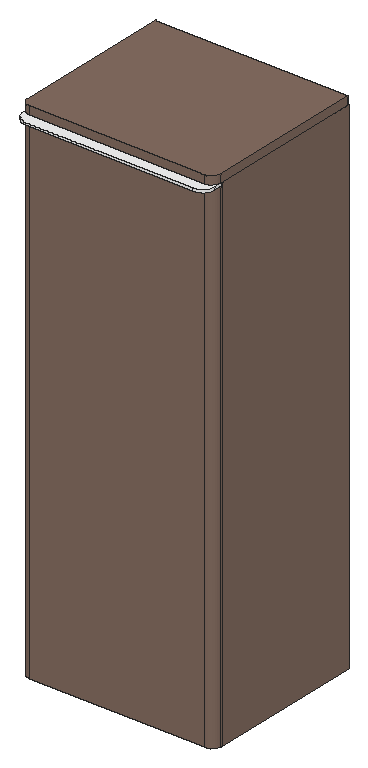
Revit family "mid-height cabinet, door hinge", category Furniture, Revit 2019 (continued)
Types (48, lengths in mm): name | SURFACE | SPECIFICATION | PRODUCTURL | PERMALINK | OBERFLAECHE | NB | NAME | Model | Mid-height cabinet 400_350, door hinge right-54134700-Dark Walnut-MATT_WHITE-400_RX0RY0RZ0TX0TY0TZ0_V | Mid-height cabinet 400_350, door hinge right-54134700-Dark Walnut-MATT_WHITE-200_RX0RY0RZ0TX0TY0TZ0_V | Mid-height cabinet 400_350, door hinge right-54134670-Dark Walnut-MATT_BLACK-400_RX0RY0RZ0TX0TY0TZ0_V | Mid-height cabinet 400_350, door hinge right-54134670-Dark Walnut-MATT_BLACK-200_RX0RY0RZ0TX0TY0TZ0_V | Mid-height cabinet 400_350, door hinge right-54134000-Dark Walnut-CHROME-400_RX0RY0RZ0TX0TY0TZ0_V | Mid-height cabinet 400_350, door hinge right-54134000-Dark Walnut-CHROME-200_RX0RY0RZ0TX0TY0TZ0_V | Mid-height cabinet 400_350, door hinge right-54133700-Natural Oak-MATT_WHITE-400_RX0RY0RZ0TX0TY0TZ0_V | Mid-height cabinet 400_350, door hinge right-54133700-Natural Oak-MATT_WHITE-200_RX0RY0RZ0TX0TY0TZ0_V | Mid-height cabinet 400_350, door hinge right-54133670-Natural Oak-MATT_BLACK-400_RX0RY0RZ0TX0TY0TZ0_V | Mid-height cabinet 400_350, door hinge right-54133670-Natural Oak-MATT_BLACK-200_RX0RY0RZ0TX0TY0TZ0_V | Mid-height cabinet 400_350, door hinge right-54133000-Natural Oak-CHROME-400_RX0RY0RZ0TX0TY0TZ0_V | Mid-height cabinet 400_350, door hinge right-54133000-Natural Oak-CHROME-200_RX0RY0RZ0TX0TY0TZ0_V | Mid-height cabinet 400_350, door hinge right-54132700-Diamond Matt Grey-MATT_WHITE-400_RX0RY0RZ0TX0TY0TZ0_V | Mid-height cabinet 400_350, door hinge right-54132700-Diamond Matt Grey-MATT_WHITE-200_RX0RY0RZ0TX0TY0TZ0_V | Mid-height cabinet 400_350, door hinge right-54132670-Diamond Matt Grey-MATT_BLACK-400_RX0RY0RZ0TX0TY0TZ0_V | Mid-height cabinet 400_350, door hinge right-54132670-Diamond Matt Grey-MATT_BLACK-200_RX0RY0RZ0TX0TY0TZ0_V | Mid-height cabinet 400_350, door hinge right-54132000-Diamond Matt Grey-CHROME-400_RX0RY0RZ0TX0TY0TZ0_V | Mid-height cabinet 400_350, door hinge right-54132000-Diamond Matt Grey-CHROME-200_RX0RY0RZ0TX0TY0TZ0_V | Mid-height cabinet 400_350, door hinge right-54131700-High Gloss White-MATT_WHITE-400_RX0RY0RZ0TX0TY0TZ0_V | Mid-height cabinet 400_350, door hinge right-54131700-High Gloss White-MATT_WHITE-200_RX0RY0RZ0TX0TY0TZ0_V | Mid-height cabinet 400_350, door hinge right-54131670-High Gloss White-MATT_BLACK-400_RX0RY0RZ0TX0TY0TZ0_V | Mid-height cabinet 400_350, door hinge right-54131670-High Gloss White-MATT_BLACK-200_RX0RY0RZ0TX0TY0TZ0_V | Mid-height cabinet 400_350, door hinge right-54131000-High Gloss White-CHROME-400_RX0RY0RZ0TX0TY0TZ0_V | Mid-height cabinet 400_350, door hinge right-54131000-High Gloss White-CHROME-200_RX0RY0RZ0TX0TY0TZ0_V | Mid-height cabinet 400_350, door hinge left-54130700-Dark Walnut-MATT_WHITE-400_RX0RY0RZ0TX0TY0TZ0_V | Mid-height cabinet 400_350, door hinge left-54130700-Dark Walnut-MATT_WHITE-200_RX0RY0RZ0TX0TY0TZ0_V | Mid-height cabinet 400_350, door hinge left-54130670-Dark Walnut-MATT_BLACK-400_RX0RY0RZ0TX0TY0TZ0_V | Mid-height cabinet 400_350, door hinge left-54130670-Dark Walnut-MATT_BLACK-200_RX0RY0RZ0TX0TY0TZ0_V | Mid-height cabinet 400_350, door hinge left-54130000-Dark Walnut-CHROME-400_RX0RY0RZ0TX0TY0TZ0_V | Mid-height cabinet 400_350, door hinge left-54130000-Dark Walnut-CHROME-200_RX0RY0RZ0TX0TY0TZ0_V | Mid-height cabinet 400_350, door hinge left-54129700-Natural Oak-MATT_WHITE-400_RX0RY0RZ0TX0TY0TZ0_V | Mid-height cabinet 400_350, door hinge left-54129700-Natural Oak-MATT_WHITE-200_RX0RY0RZ0TX0TY0TZ0_V | Mid-height cabinet 400_350, door hinge left-54129670-Natural Oak-MATT_BLACK-400_RX0RY0RZ0TX0TY0TZ0_V | Mid-height cabinet 400_350, door hinge left-54129670-Natural Oak-MATT_BLACK-200_RX0RY0RZ0TX0TY0TZ0_V | Mid-height cabinet 400_350, door hinge left-54129000-Natural Oak-CHROME-400_RX0RY0RZ0TX0TY0TZ0_V | Mid-height cabinet 400_350, door hinge left-54129000-Natural Oak-CHROME-200_RX0RY0RZ0TX0TY0TZ0_V | Mid-height cabinet 400_350, door hinge left-54128700-Diamond Matt Grey-MATT_WHITE-400_RX0RY0RZ0TX0TY0TZ0_V | Mid-height cabinet 400_350, door hinge left-54128700-Diamond Matt Grey-MATT_WHITE-200_RX0RY0RZ0TX0TY0TZ0_V | Mid-height cabinet 400_350, door hinge left-54128670-Diamond Matt Grey-MATT_BLACK-400_RX0RY0RZ0TX0TY0TZ0_V | Mid-height cabinet 400_350, door hinge left-54128670-Diamond Matt Grey-MATT_BLACK-200_RX0RY0RZ0TX0TY0TZ0_V | Mid-height cabinet 400_350, door hinge left-54128000-Diamond Matt Grey-CHROME-400_RX0RY0RZ0TX0TY0TZ0_V | Mid-height cabinet 400_350, door hinge left-54128000-Diamond Matt Grey-CHROME-200_RX0RY0RZ0TX0TY0TZ0_V | Mid-height cabinet 400_350, door hinge left-54127700-High Gloss White-MATT_WHITE-400_RX0RY0RZ0TX0TY0TZ0_V | Mid-height cabinet 400_350, door hinge left-54127700-High Gloss White-MATT_WHITE-200_RX0RY0RZ0TX0TY0TZ0_V | Mid-height cabinet 400_350, door hinge left-54127670-High Gloss White-MATT_BLACK-400_RX0RY0RZ0TX0TY0TZ0_V | Mid-height cabinet 400_350, door hinge left-54127670-High Gloss White-MATT_BLACK-200_RX0RY0RZ0TX0TY0TZ0_V | Mid-height cabinet 400_350, door hinge left-54127000-High Gloss White-CHROME-400_RX0RY0RZ0TX0TY0TZ0_V | Mid-height cabinet 400_350, door hinge left-54127000-High Gloss White-CHROME-200_RX0RY0RZ0TX0TY0TZ0_V | MIdent | LODLEVEL | LINA | GTINCODE | BASENUMBER | ARTNR
  Mid-height cabinet 400_350, door hinge right-54133000-Natural Oak-CHROME-200 | "CHROME" | "Surfaces:    - 54133000 Chrome  - 54133670 Matt Black  - 54133700 Matt White      Specification:" | "https://pro.hansgrohe.com/articledetail--54133000" | "54133XXX" | "Natural Oak" | "Mid-height cabinet 400/350, door hinge right-54133000-Natural Oak-CHROME-200" | "Xelu Q Mid-height cabinet Natural Oak 400/350, door hinge right" | "Mid-height cabinet 400/350, door hinge right-54133000-Natural Oak-CHROME-200" | no | no | no | no | no | no | no | no | no | no | no | yes | no | no | no | no | no | no | no | no | no | no | no | no | no | no | no | no | no | no | no | no | no | no | no | no | no | no | no | no | no | no | no | no | no | no | no | no | "{$CADENAS_DATA/23d-libs/hansgrohe/xelu_furniture/mid-height_cabinet_door_hinge/mid-height_cabinet_door_hinge.prj},325 {VTYP=3D},{NB=Mid-height cabinet 400/350, door hinge right-54133000-Natural Oak-CHROME-200},{LINA=Mid-height cabinet 400/350, door hinge right-54133000-Natural Oak-CHROME-200},{NN=Mid-height cabinet, door hinge},{DATE=13.03.2023 02:22:41},{GEOMDATE=13.03.2023 02:22:00},{VERSION=},{LINEID=200},{WBVAR=LODLEVEL},{WBNUMERIC=}  {NB=Mid-height cabinet 400/350, door hinge right-54133000-Natural Oak-CHROME-200},{LINA=Mid-height cabinet 400/350, door hinge right-54133000-Natural Oak-CHROME-200},{KT=DUMMY},{IDNR=20},{ARTNR=54133000},{BASENUMBER=Mid-height cabinet 400/350, door hinge right},{MODEL=54133XXX},{OBERFLAECHE=Natural Oak},{SURFACE=CHROME},{L=400},{LODLEVEL=200},{LODLEVELX='400','400','200','200'},{NAME=Xelu Q Mid-height cabinet Natural Oak 400/350, door hinge right},{PERMALINK=54133XXX},{OBJECTTYPE=Object (single object)},{BIMOBJECT=Sanitary: Compound units},{PRODUCTFAMILY=Xelu Q},{PRODUCTGROUP=bathroom vanity},{WEIGHT=25.3},{DESCRIPTION=Xelu Q Mid-height cabinet Natural Oak 400/350, door hinge right},{SPECIFICATION=Surfaces:    - 54133000 Chrome  - 54133670 Matt Black  - 54133700 Matt White      Specification:},{PRODUCTURL=https://pro.hansgrohe.com/articledetail--54133000},{GTINCODE=4059625458396},{TENDERURL=},{IFC=Furnishing element},{ETIM=EC011381 | Bathroom furniture set},{UNICLASS2015=Pr_40_30_78_05 | Bathroom furniture},{OMNICLASS=23-21 19 15 33 13 | Residential Bathroom Specialty Casework},{MASTERFORMAT=12 35 30.23 | Bathroom Casework},{UNSPSC=56 | Furniture and Furnishings},{UNIFORMATII=E2010 | Fixed Furnishings},{REGIONSET=Worldwide},{DESIGN=Germany},{MANUFACTURER=Germany}" | "200" | "Mid-height cabinet 400/350, door hinge right-54133000-Natural Oak-CHROME-200" | "4059625458396" | "Mid-height cabinet 400/350, door hinge right" | "54133000"
  Mid-height cabinet 400_350, door hinge right-54133000-Natural Oak-CHROME-400 | "CHROME" | "Surfaces:    - 54133000 Chrome  - 54133670 Matt Black  - 54133700 Matt White      Specification:" | "https://pro.hansgrohe.com/articledetail--54133000" | "54133XXX" | "Natural Oak" | "Mid-height cabinet 400/350, door hinge right-54133000-Natural Oak-CHROME-400" | "Xelu Q Mid-height cabinet Natural Oak 400/350, door hinge right" | "Mid-height cabinet 400/350, door hinge right-54133000-Natural Oak-CHROME-400" | no | no | no | no | no | no | no | no | no | no | yes | no | no | no | no | no | no | no | no | no | no | no | no | no | no | no | no | no | no | no | no | no | no | no | no | no | no | no | no | no | no | no | no | no | no | no | no | no | "{$CADENAS_DATA/23d-libs/hansgrohe/xelu_furniture/mid-height_cabinet_door_hinge/mid-height_cabinet_door_hinge.prj},325 {VTYP=3D},{NB=Mid-height cabinet 400/350, door hinge right-54133000-Natural Oak-CHROME-400},{LINA=Mid-height cabinet 400/350, door hinge right-54133000-Natural Oak-CHROME-400},{NN=Mid-height cabinet, door hinge},{DATE=13.03.2023 02:22:41},{GEOMDATE=13.03.2023 02:22:00},{VERSION=},{LINEID=200},{WBVAR=LODLEVEL},{WBNUMERIC=}  {NB=Mid-height cabinet 400/350, door hinge right-54133000-Natural Oak-CHROME-400},{LINA=Mid-height cabinet 400/350, door hinge right-54133000-Natural Oak-CHROME-400},{KT=DUMMY},{IDNR=20},{ARTNR=54133000},{BASENUMBER=Mid-height cabinet 400/350, door hinge right},{MODEL=54133XXX},{OBERFLAECHE=Natural Oak},{SURFACE=CHROME},{L=400},{LODLEVEL=400},{LODLEVELX='400','400','200','200'},{NAME=Xelu Q Mid-height cabinet Natural Oak 400/350, door hinge right},{PERMALINK=54133XXX},{OBJECTTYPE=Object (single object)},{BIMOBJECT=Sanitary: Compound units},{PRODUCTFAMILY=Xelu Q},{PRODUCTGROUP=bathroom vanity},{WEIGHT=25.3},{DESCRIPTION=Xelu Q Mid-height cabinet Natural Oak 400/350, door hinge right},{SPECIFICATION=Surfaces:    - 54133000 Chrome  - 54133670 Matt Black  - 54133700 Matt White      Specification:},{PRODUCTURL=https://pro.hansgrohe.com/articledetail--54133000},{GTINCODE=4059625458396},{TENDERURL=},{IFC=Furnishing element},{ETIM=EC011381 | Bathroom furniture set},{UNICLASS2015=Pr_40_30_78_05 | Bathroom furniture},{OMNICLASS=23-21 19 15 33 13 | Residential Bathroom Specialty Casework},{MASTERFORMAT=12 35 30.23 | Bathroom Casework},{UNSPSC=56 | Furniture and Furnishings},{UNIFORMATII=E2010 | Fixed Furnishings},{REGIONSET=Worldwide},{DESIGN=Germany},{MANUFACTURER=Germany}" | "400" | "Mid-height cabinet 400/350, door hinge right-54133000-Natural Oak-CHROME-400" | "4059625458396" | "Mid-height cabinet 400/350, door hinge right" | "54133000"
  Mid-height cabinet 400_350, door hinge right-54133670-Natural Oak-MATT_BLACK-200 | "MATT_BLACK" | "Surfaces:    - 54133000 Chrome  - 54133670 Matt Black  - 54133700 Matt White      Specification:" | "https://pro.hansgrohe.com/articledetail--54133000" | "54133XXX" | "Natural Oak" | "Mid-height cabinet 400/350, door hinge right-54133670-Natural Oak-MATT_BLACK-200" | "Xelu Q Mid-height cabinet Natural Oak 400/350, door hinge right" | "Mid-height cabinet 400/350, door hinge right-54133670-Natural Oak-MATT_BLACK-200" | no | no | no | no | no | no | no | no | no | yes | no | no | no | no | no | no | no | no | no | no | no | no | no | no | no | no | no | no | no | no | no | no | no | no | no | no | no | no | no | no | no | no | no | no | no | no | no | no | "{$CADENAS_DATA/23d-libs/hansgrohe/xelu_furniture/mid-height_cabinet_door_hinge/mid-height_cabinet_door_hinge.prj},333 {VTYP=3D},{NB=Mid-height cabinet 400/350, door hinge right-54133670-Natural Oak-MATT_BLACK-200},{LINA=Mid-height cabinet 400/350, door hinge right-54133670-Natural Oak-MATT_BLACK-200},{NN=Mid-height cabinet, door hinge},{DATE=13.03.2023 02:22:41},{GEOMDATE=13.03.2023 02:22:00},{VERSION=},{LINEID=210},{WBVAR=LODLEVEL},{WBNUMERIC=}  {NB=Mid-height cabinet 400/350, door hinge right-54133670-Natural Oak-MATT_BLACK-200},{LINA=Mid-height cabinet 400/350, door hinge right-54133670-Natural Oak-MATT_BLACK-200},{KT=DUMMY},{IDNR=21},{ARTNR=54133670},{BASENUMBER=Mid-height cabinet 400/350, door hinge right},{MODEL=54133XXX},{OBERFLAECHE=Natural Oak},{SURFACE=MATT_BLACK},{L=400},{LODLEVEL=200},{LODLEVELX='400','400','200','200'},{NAME=Xelu Q Mid-height cabinet Natural Oak 400/350, door hinge right},{PERMALINK=54133XXX},{OBJECTTYPE=Object (single object)},{BIMOBJECT=Sanitary: Compound units},{PRODUCTFAMILY=Xelu Q},{PRODUCTGROUP=bathroom vanity},{WEIGHT=25.3},{DESCRIPTION=Xelu Q Mid-height cabinet Natural Oak 400/350, door hinge right},{SPECIFICATION=Surfaces:    - 54133000 Chrome  - 54133670 Matt Black  - 54133700 Matt White      Specification:},{PRODUCTURL=https://pro.hansgrohe.com/articledetail--54133000},{GTINCODE=4059625458396},{TENDERURL=},{IFC=Furnishing element},{ETIM=EC011381 | Bathroom furniture set},{UNICLASS2015=Pr_40_30_78_05 | Bathroom furniture},{OMNICLASS=23-21 19 15 33 13 | Residential Bathroom Specialty Casework},{MASTERFORMAT=12 35 30.23 | Bathroom Casework},{UNSPSC=56 | Furniture and Furnishings},{UNIFORMATII=E2010 | Fixed Furnishings},{REGIONSET=Worldwide},{DESIGN=Germany},{MANUFACTURER=Germany}" | "200" | "Mid-height cabinet 400/350, door hinge right-54133670-Natural Oak-MATT_BLACK-200" | "4059625458396" | "Mid-height cabinet 400/350, door hinge right" | "54133670"
  Mid-height cabinet 400_350, door hinge right-54133670-Natural Oak-MATT_BLACK-400 | "MATT_BLACK" | "Surfaces:    - 54133000 Chrome  - 54133670 Matt Black  - 54133700 Matt White      Specification:" | "https://pro.hansgrohe.com/articledetail--54133000" | "54133XXX" | "Natural Oak" | "Mid-height cabinet 400/350, door hinge right-54133670-Natural Oak-MATT_BLACK-400" | "Xelu Q Mid-height cabinet Natural Oak 400/350, door hinge right" | "Mid-height cabinet 400/350, door hinge right-54133670-Natural Oak-MATT_BLACK-400" | no | no | no | no | no | no | no | no | yes | no | no | no | no | no | no | no | no | no | no | no | no | no | no | no | no | no | no | no | no | no | no | no | no | no | no | no | no | no | no | no | no | no | no | no | no | no | no | no | "{$CADENAS_DATA/23d-libs/hansgrohe/xelu_furniture/mid-height_cabinet_door_hinge/mid-height_cabinet_door_hinge.prj},333 {VTYP=3D},{NB=Mid-height cabinet 400/350, door hinge right-54133670-Natural Oak-MATT_BLACK-400},{LINA=Mid-height cabinet 400/350, door hinge right-54133670-Natural Oak-MATT_BLACK-400},{NN=Mid-height cabinet, door hinge},{DATE=13.03.2023 02:22:41},{GEOMDATE=13.03.2023 02:22:00},{VERSION=},{LINEID=210},{WBVAR=LODLEVEL},{WBNUMERIC=}  {NB=Mid-height cabinet 400/350, door hinge right-54133670-Natural Oak-MATT_BLACK-400},{LINA=Mid-height cabinet 400/350, door hinge right-54133670-Natural Oak-MATT_BLACK-400},{KT=DUMMY},{IDNR=21},{ARTNR=54133670},{BASENUMBER=Mid-height cabinet 400/350, door hinge right},{MODEL=54133XXX},{OBERFLAECHE=Natural Oak},{SURFACE=MATT_BLACK},{L=400},{LODLEVEL=400},{LODLEVELX='400','400','200','200'},{NAME=Xelu Q Mid-height cabinet Natural Oak 400/350, door hinge right},{PERMALINK=54133XXX},{OBJECTTYPE=Object (single object)},{BIMOBJECT=Sanitary: Compound units},{PRODUCTFAMILY=Xelu Q},{PRODUCTGROUP=bathroom vanity},{WEIGHT=25.3},{DESCRIPTION=Xelu Q Mid-height cabinet Natural Oak 400/350, door hinge right},{SPECIFICATION=Surfaces:    - 54133000 Chrome  - 54133670 Matt Black  - 54133700 Matt White      Specification:},{PRODUCTURL=https://pro.hansgrohe.com/articledetail--54133000},{GTINCODE=4059625458396},{TENDERURL=},{IFC=Furnishing element},{ETIM=EC011381 | Bathroom furniture set},{UNICLASS2015=Pr_40_30_78_05 | Bathroom furniture},{OMNICLASS=23-21 19 15 33 13 | Residential Bathroom Specialty Casework},{MASTERFORMAT=12 35 30.23 | Bathroom Casework},{UNSPSC=56 | Furniture and Furnishings},{UNIFORMATII=E2010 | Fixed Furnishings},{REGIONSET=Worldwide},{DESIGN=Germany},{MANUFACTURER=Germany}" | "400" | "Mid-height cabinet 400/350, door hinge right-54133670-Natural Oak-MATT_BLACK-400" | "4059625458396" | "Mid-height cabinet 400/350, door hinge right" | "54133670"
  Mid-height cabinet 400_350, door hinge right-54133700-Natural Oak-MATT_WHITE-200 | "MATT_WHITE" | "Surfaces:    - 54133000 Chrome  - 54133670 Matt Black  - 54133700 Matt White      Specification:" | "https://pro.hansgrohe.com/articledetail--54133000" | "54133XXX" | "Natural Oak" | "Mid-height cabinet 400/350, door hinge right-54133700-Natural Oak-MATT_WHITE-200" | "Xelu Q Mid-height cabinet Natural Oak 400/350, door hinge right" | "Mid-height cabinet 400/350, door hinge right-54133700-Natural Oak-MATT_WHITE-200" | no | no | no | no | no | no | no | yes | no | no | no | no | no | no | no | no | no | no | no | no | no | no | no | no | no | no | no | no | no | no | no | no | no | no | no | no | no | no | no | no | no | no | no | no | no | no | no | no | "{$CADENAS_DATA/23d-libs/hansgrohe/xelu_furniture/mid-height_cabinet_door_hinge/mid-height_cabinet_door_hinge.prj},333 {VTYP=3D},{NB=Mid-height cabinet 400/350, door hinge right-54133700-Natural Oak-MATT_WHITE-200},{LINA=Mid-height cabinet 400/350, door hinge right-54133700-Natural Oak-MATT_WHITE-200},{NN=Mid-height cabinet, door hinge},{DATE=13.03.2023 02:22:41},{GEOMDATE=13.03.2023 02:22:00},{VERSION=},{LINEID=190},{WBVAR=LODLEVEL},{WBNUMERIC=}  {NB=Mid-height cabinet 400/350, door hinge right-54133700-Natural Oak-MATT_WHITE-200},{LINA=Mid-height cabinet 400/350, door hinge right-54133700-Natural Oak-MATT_WHITE-200},{KT=DUMMY},{IDNR=19},{ARTNR=54133700},{BASENUMBER=Mid-height cabinet 400/350, door hinge right},{MODEL=54133XXX},{OBERFLAECHE=Natural Oak},{SURFACE=MATT_WHITE},{L=400},{LODLEVEL=200},{LODLEVELX='400','400','200','200'},{NAME=Xelu Q Mid-height cabinet Natural Oak 400/350, door hinge right},{PERMALINK=54133XXX},{OBJECTTYPE=Object (single object)},{BIMOBJECT=Sanitary: Compound units},{PRODUCTFAMILY=Xelu Q},{PRODUCTGROUP=bathroom vanity},{WEIGHT=25.3},{DESCRIPTION=Xelu Q Mid-height cabinet Natural Oak 400/350, door hinge right},{SPECIFICATION=Surfaces:    - 54133000 Chrome  - 54133670 Matt Black  - 54133700 Matt White      Specification:},{PRODUCTURL=https://pro.hansgrohe.com/articledetail--54133000},{GTINCODE=4059625458396},{TENDERURL=},{IFC=Furnishing element},{ETIM=EC011381 | Bathroom furniture set},{UNICLASS2015=Pr_40_30_78_05 | Bathroom furniture},{OMNICLASS=23-21 19 15 33 13 | Residential Bathroom Specialty Casework},{MASTERFORMAT=12 35 30.23 | Bathroom Casework},{UNSPSC=56 | Furniture and Furnishings},{UNIFORMATII=E2010 | Fixed Furnishings},{REGIONSET=Worldwide},{DESIGN=Germany},{MANUFACTURER=Germany}" | "200" | "Mid-height cabinet 400/350, door hinge right-54133700-Natural Oak-MATT_WHITE-200" | "4059625458396" | "Mid-height cabinet 400/350, door hinge right" | "54133700"
  Mid-height cabinet 400_350, door hinge right-54133700-Natural Oak-MATT_WHITE-400 | "MATT_WHITE" | "Surfaces:    - 54133000 Chrome  - 54133670 Matt Black  - 54133700 Matt White      Specification:" | "https://pro.hansgrohe.com/articledetail--54133000" | "54133XXX" | "Natural Oak" | "Mid-height cabinet 400/350, door hinge right-54133700-Natural Oak-MATT_WHITE-400" | "Xelu Q Mid-height cabinet Natural Oak 400/350, door hinge right" | "Mid-height cabinet 400/350, door hinge right-54133700-Natural Oak-MATT_WHITE-400" | no | no | no | no | no | no | yes | no | no | no | no | no | no | no | no | no | no | no | no | no | no | no | no | no | no | no | no | no | no | no | no | no | no | no | no | no | no | no | no | no | no | no | no | no | no | no | no | no | "{$CADENAS_DATA/23d-libs/hansgrohe/xelu_furniture/mid-height_cabinet_door_hinge/mid-height_cabinet_door_hinge.prj},333 {VTYP=3D},{NB=Mid-height cabinet 400/350, door hinge right-54133700-Natural Oak-MATT_WHITE-400},{LINA=Mid-height cabinet 400/350, door hinge right-54133700-Natural Oak-MATT_WHITE-400},{NN=Mid-height cabinet, door hinge},{DATE=13.03.2023 02:22:41},{GEOMDATE=13.03.2023 02:22:00},{VERSION=},{LINEID=190},{WBVAR=LODLEVEL},{WBNUMERIC=}  {NB=Mid-height cabinet 400/350, door hinge right-54133700-Natural Oak-MATT_WHITE-400},{LINA=Mid-height cabinet 400/350, door hinge right-54133700-Natural Oak-MATT_WHITE-400},{KT=DUMMY},{IDNR=19},{ARTNR=54133700},{BASENUMBER=Mid-height cabinet 400/350, door hinge right},{MODEL=54133XXX},{OBERFLAECHE=Natural Oak},{SURFACE=MATT_WHITE},{L=400},{LODLEVEL=400},{LODLEVELX='400','400','200','200'},{NAME=Xelu Q Mid-height cabinet Natural Oak 400/350, door hinge right},{PERMALINK=54133XXX},{OBJECTTYPE=Object (single object)},{BIMOBJECT=Sanitary: Compound units},{PRODUCTFAMILY=Xelu Q},{PRODUCTGROUP=bathroom vanity},{WEIGHT=25.3},{DESCRIPTION=Xelu Q Mid-height cabinet Natural Oak 400/350, door hinge right},{SPECIFICATION=Surfaces:    - 54133000 Chrome  - 54133670 Matt Black  - 54133700 Matt White      Specification:},{PRODUCTURL=https://pro.hansgrohe.com/articledetail--54133000},{GTINCODE=4059625458396},{TENDERURL=},{IFC=Furnishing element},{ETIM=EC011381 | Bathroom furniture set},{UNICLASS2015=Pr_40_30_78_05 | Bathroom furniture},{OMNICLASS=23-21 19 15 33 13 | Residential Bathroom Specialty Casework},{MASTERFORMAT=12 35 30.23 | Bathroom Casework},{UNSPSC=56 | Furniture and Furnishings},{UNIFORMATII=E2010 | Fixed Furnishings},{REGIONSET=Worldwide},{DESIGN=Germany},{MANUFACTURER=Germany}" | "400" | "Mid-height cabinet 400/350, door hinge right-54133700-Natural Oak-MATT_WHITE-400" | "4059625458396" | "Mid-height cabinet 400/350, door hinge right" | "54133700"
  Mid-height cabinet 400_350, door hinge right-54134000-Dark Walnut-CHROME-200 | "CHROME" | "Surfaces:    - 54134000 Chrome  - 54134670 Matt Black  - 54134700 Matt White      Specification:" | "https://pro.hansgrohe.com/articledetail--54134000" | "54134XXX" | "Dark Walnut" | "Mid-height cabinet 400/350, door hinge right-54134000-Dark Walnut-CHROME-200" | "Xelu Q Mid-height cabinet Dark Walnut 400/350, door hinge right" | "Mid-height cabinet 400/350, door hinge right-54134000-Dark Walnut-CHROME-200" | no | no | no | no | no | yes | no | no | no | no | no | no | no | no | no | no | no | no | no | no | no | no | no | no | no | no | no | no | no | no | no | no | no | no | no | no | no | no | no | no | no | no | no | no | no | no | no | no | "{$CADENAS_DATA/23d-libs/hansgrohe/xelu_furniture/mid-height_cabinet_door_hinge/mid-height_cabinet_door_hinge.prj},325 {VTYP=3D},{NB=Mid-height cabinet 400/350, door hinge right-54134000-Dark Walnut-CHROME-200},{LINA=Mid-height cabinet 400/350, door hinge right-54134000-Dark Walnut-CHROME-200},{NN=Mid-height cabinet, door hinge},{DATE=13.03.2023 02:22:41},{GEOMDATE=13.03.2023 02:22:00},{VERSION=},{LINEID=230},{WBVAR=LODLEVEL},{WBNUMERIC=}  {NB=Mid-height cabinet 400/350, door hinge right-54134000-Dark Walnut-CHROME-200},{LINA=Mid-height cabinet 400/350, door hinge right-54134000-Dark Walnut-CHROME-200},{KT=DUMMY},{IDNR=23},{ARTNR=54134000},{BASENUMBER=Mid-height cabinet 400/350, door hinge right},{MODEL=54134XXX},{OBERFLAECHE=Dark Walnut},{SURFACE=CHROME},{L=400},{LODLEVEL=200},{LODLEVELX='400','400','200','200'},{NAME=Xelu Q Mid-height cabinet Dark Walnut 400/350, door hinge right},{PERMALINK=54134XXX},{OBJECTTYPE=Object (single object)},{BIMOBJECT=Sanitary: Compound units},{PRODUCTFAMILY=Xelu Q},{PRODUCTGROUP=bathroom vanity},{WEIGHT=25.3},{DESCRIPTION=Xelu Q Mid-height cabinet Dark Walnut 400/350, door hinge right},{SPECIFICATION=Surfaces:    - 54134000 Chrome  - 54134670 Matt Black  - 54134700 Matt White      Specification:},{PRODUCTURL=https://pro.hansgrohe.com/articledetail--54134000},{GTINCODE=4059625458365},{TENDERURL=},{IFC=Furnishing element},{ETIM=EC011381 | Bathroom furniture set},{UNICLASS2015=Pr_40_30_78_05 | Bathroom furniture},{OMNICLASS=23-21 19 15 33 13 | Residential Bathroom Specialty Casework},{MASTERFORMAT=12 35 30.23 | Bathroom Casework},{UNSPSC=56 | Furniture and Furnishings},{UNIFORMATII=E2010 | Fixed Furnishings},{REGIONSET=Worldwide},{DESIGN=Germany},{MANUFACTURER=Germany}" | "200" | "Mid-height cabinet 400/350, door hinge right-54134000-Dark Walnut-CHROME-200" | "4059625458365" | "Mid-height cabinet 400/350, door hinge right" | "54134000"
  Mid-height cabinet 400_350, door hinge right-54134000-Dark Walnut-CHROME-400 | "CHROME" | "Surfaces:    - 54134000 Chrome  - 54134670 Matt Black  - 54134700 Matt White      Specification:" | "https://pro.hansgrohe.com/articledetail--54134000" | "54134XXX" | "Dark Walnut" | "Mid-height cabinet 400/350, door hinge right-54134000-Dark Walnut-CHROME-400" | "Xelu Q Mid-height cabinet Dark Walnut 400/350, door hinge right" | "Mid-height cabinet 400/350, door hinge right-54134000-Dark Walnut-CHROME-400" | no | no | no | no | yes | no | no | no | no | no | no | no | no | no | no | no | no | no | no | no | no | no | no | no | no | no | no | no | no | no | no | no | no | no | no | no | no | no | no | no | no | no | no | no | no | no | no | no | "{$CADENAS_DATA/23d-libs/hansgrohe/xelu_furniture/mid-height_cabinet_door_hinge/mid-height_cabinet_door_hinge.prj},325 {VTYP=3D},{NB=Mid-height cabinet 400/350, door hinge right-54134000-Dark Walnut-CHROME-400},{LINA=Mid-height cabinet 400/350, door hinge right-54134000-Dark Walnut-CHROME-400},{NN=Mid-height cabinet, door hinge},{DATE=13.03.2023 02:22:41},{GEOMDATE=13.03.2023 02:22:00},{VERSION=},{LINEID=230},{WBVAR=LODLEVEL},{WBNUMERIC=}  {NB=Mid-height cabinet 400/350, door hinge right-54134000-Dark Walnut-CHROME-400},{LINA=Mid-height cabinet 400/350, door hinge right-54134000-Dark Walnut-CHROME-400},{KT=DUMMY},{IDNR=23},{ARTNR=54134000},{BASENUMBER=Mid-height cabinet 400/350, door hinge right},{MODEL=54134XXX},{OBERFLAECHE=Dark Walnut},{SURFACE=CHROME},{L=400},{LODLEVEL=400},{LODLEVELX='400','400','200','200'},{NAME=Xelu Q Mid-height cabinet Dark Walnut 400/350, door hinge right},{PERMALINK=54134XXX},{OBJECTTYPE=Object (single object)},{BIMOBJECT=Sanitary: Compound units},{PRODUCTFAMILY=Xelu Q},{PRODUCTGROUP=bathroom vanity},{WEIGHT=25.3},{DESCRIPTION=Xelu Q Mid-height cabinet Dark Walnut 400/350, door hinge right},{SPECIFICATION=Surfaces:    - 54134000 Chrome  - 54134670 Matt Black  - 54134700 Matt White      Specification:},{PRODUCTURL=https://pro.hansgrohe.com/articledetail--54134000},{GTINCODE=4059625458365},{TENDERURL=},{IFC=Furnishing element},{ETIM=EC011381 | Bathroom furniture set},{UNICLASS2015=Pr_40_30_78_05 | Bathroom furniture},{OMNICLASS=23-21 19 15 33 13 | Residential Bathroom Specialty Casework},{MASTERFORMAT=12 35 30.23 | Bathroom Casework},{UNSPSC=56 | Furniture and Furnishings},{UNIFORMATII=E2010 | Fixed Furnishings},{REGIONSET=Worldwide},{DESIGN=Germany},{MANUFACTURER=Germany}" | "400" | "Mid-height cabinet 400/350, door hinge right-54134000-Dark Walnut-CHROME-400" | "4059625458365" | "Mid-height cabinet 400/350, door hinge right" | "54134000"
  Mid-height cabinet 400_350, door hinge right-54134670-Dark Walnut-MATT_BLACK-200 | "MATT_BLACK" | "Surfaces:    - 54134000 Chrome  - 54134670 Matt Black  - 54134700 Matt White      Specification:" | "https://pro.hansgrohe.com/articledetail--54134000" | "54134XXX" | "Dark Walnut" | "Mid-height cabinet 400/350, door hinge right-54134670-Dark Walnut-MATT_BLACK-200" | "Xelu Q Mid-height cabinet Dark Walnut 400/350, door hinge right" | "Mid-height cabinet 400/350, door hinge right-54134670-Dark Walnut-MATT_BLACK-200" | no | no | no | yes | no | no | no | no | no | no | no | no | no | no | no | no | no | no | no | no | no | no | no | no | no | no | no | no | no | no | no | no | no | no | no | no | no | no | no | no | no | no | no | no | no | no | no | no | "{$CADENAS_DATA/23d-libs/hansgrohe/xelu_furniture/mid-height_cabinet_door_hinge/mid-height_cabinet_door_hinge.prj},333 {VTYP=3D},{NB=Mid-height cabinet 400/350, door hinge right-54134670-Dark Walnut-MATT_BLACK-200},{LINA=Mid-height cabinet 400/350, door hinge right-54134670-Dark Walnut-MATT_BLACK-200},{NN=Mid-height cabinet, door hinge},{DATE=13.03.2023 02:22:41},{GEOMDATE=13.03.2023 02:22:00},{VERSION=},{LINEID=220},{WBVAR=LODLEVEL},{WBNUMERIC=}  {NB=Mid-height cabinet 400/350, door hinge right-54134670-Dark Walnut-MATT_BLACK-200},{LINA=Mid-height cabinet 400/350, door hinge right-54134670-Dark Walnut-MATT_BLACK-200},{KT=DUMMY},{IDNR=22},{ARTNR=54134670},{BASENUMBER=Mid-height cabinet 400/350, door hinge right},{MODEL=54134XXX},{OBERFLAECHE=Dark Walnut},{SURFACE=MATT_BLACK},{L=400},{LODLEVEL=200},{LODLEVELX='400','400','200','200'},{NAME=Xelu Q Mid-height cabinet Dark Walnut 400/350, door hinge right},{PERMALINK=54134XXX},{OBJECTTYPE=Object (single object)},{BIMOBJECT=Sanitary: Compound units},{PRODUCTFAMILY=Xelu Q},{PRODUCTGROUP=bathroom vanity},{WEIGHT=25.3},{DESCRIPTION=Xelu Q Mid-height cabinet Dark Walnut 400/350, door hinge right},{SPECIFICATION=Surfaces:    - 54134000 Chrome  - 54134670 Matt Black  - 54134700 Matt White      Specification:},{PRODUCTURL=https://pro.hansgrohe.com/articledetail--54134000},{GTINCODE=4059625458365},{TENDERURL=},{IFC=Furnishing element},{ETIM=EC011381 | Bathroom furniture set},{UNICLASS2015=Pr_40_30_78_05 | Bathroom furniture},{OMNICLASS=23-21 19 15 33 13 | Residential Bathroom Specialty Casework},{MASTERFORMAT=12 35 30.23 | Bathroom Casework},{UNSPSC=56 | Furniture and Furnishings},{UNIFORMATII=E2010 | Fixed Furnishings},{REGIONSET=Worldwide},{DESIGN=Germany},{MANUFACTURER=Germany}" | "200" | "Mid-height cabinet 400/350, door hinge right-54134670-Dark Walnut-MATT_BLACK-200" | "4059625458365" | "Mid-height cabinet 400/350, door hinge right" | "54134670"
  Mid-height cabinet 400_350, door hinge right-54134670-Dark Walnut-MATT_BLACK-400 | "MATT_BLACK" | "Surfaces:    - 54134000 Chrome  - 54134670 Matt Black  - 54134700 Matt White      Specification:" | "https://pro.hansgrohe.com/articledetail--54134000" | "54134XXX" | "Dark Walnut" | "Mid-height cabinet 400/350, door hinge right-54134670-Dark Walnut-MATT_BLACK-400" | "Xelu Q Mid-height cabinet Dark Walnut 400/350, door hinge right" | "Mid-height cabinet 400/350, door hinge right-54134670-Dark Walnut-MATT_BLACK-400" | no | no | yes | no | no | no | no | no | no | no | no | no | no | no | no | no | no | no | no | no | no | no | no | no | no | no | no | no | no | no | no | no | no | no | no | no | no | no | no | no | no | no | no | no | no | no | no | no | "{$CADENAS_DATA/23d-libs/hansgrohe/xelu_furniture/mid-height_cabinet_door_hinge/mid-height_cabinet_door_hinge.prj},333 {VTYP=3D},{NB=Mid-height cabinet 400/350, door hinge right-54134670-Dark Walnut-MATT_BLACK-400},{LINA=Mid-height cabinet 400/350, door hinge right-54134670-Dark Walnut-MATT_BLACK-400},{NN=Mid-height cabinet, door hinge},{DATE=13.03.2023 02:22:41},{GEOMDATE=13.03.2023 02:22:00},{VERSION=},{LINEID=220},{WBVAR=LODLEVEL},{WBNUMERIC=}  {NB=Mid-height cabinet 400/350, door hinge right-54134670-Dark Walnut-MATT_BLACK-400},{LINA=Mid-height cabinet 400/350, door hinge right-54134670-Dark Walnut-MATT_BLACK-400},{KT=DUMMY},{IDNR=22},{ARTNR=54134670},{BASENUMBER=Mid-height cabinet 400/350, door hinge right},{MODEL=54134XXX},{OBERFLAECHE=Dark Walnut},{SURFACE=MATT_BLACK},{L=400},{LODLEVEL=400},{LODLEVELX='400','400','200','200'},{NAME=Xelu Q Mid-height cabinet Dark Walnut 400/350, door hinge right},{PERMALINK=54134XXX},{OBJECTTYPE=Object (single object)},{BIMOBJECT=Sanitary: Compound units},{PRODUCTFAMILY=Xelu Q},{PRODUCTGROUP=bathroom vanity},{WEIGHT=25.3},{DESCRIPTION=Xelu Q Mid-height cabinet Dark Walnut 400/350, door hinge right},{SPECIFICATION=Surfaces:    - 54134000 Chrome  - 54134670 Matt Black  - 54134700 Matt White      Specification:},{PRODUCTURL=https://pro.hansgrohe.com/articledetail--54134000},{GTINCODE=4059625458365},{TENDERURL=},{IFC=Furnishing element},{ETIM=EC011381 | Bathroom furniture set},{UNICLASS2015=Pr_40_30_78_05 | Bathroom furniture},{OMNICLASS=23-21 19 15 33 13 | Residential Bathroom Specialty Casework},{MASTERFORMAT=12 35 30.23 | Bathroom Casework},{UNSPSC=56 | Furniture and Furnishings},{UNIFORMATII=E2010 | Fixed Furnishings},{REGIONSET=Worldwide},{DESIGN=Germany},{MANUFACTURER=Germany}" | "400" | "Mid-height cabinet 400/350, door hinge right-54134670-Dark Walnut-MATT_BLACK-400" | "4059625458365" | "Mid-height cabinet 400/350, door hinge right" | "54134670"
  Mid-height cabinet 400_350, door hinge right-54134700-Dark Walnut-MATT_WHITE-200 | "MATT_WHITE" | "Surfaces:    - 54134000 Chrome  - 54134670 Matt Black  - 54134700 Matt White      Specification:" | "https://pro.hansgrohe.com/articledetail--54134000" | "54134XXX" | "Dark Walnut" | "Mid-height cabinet 400/350, door hinge right-54134700-Dark Walnut-MATT_WHITE-200" | "Xelu Q Mid-height cabinet Dark Walnut 400/350, door hinge right" | "Mid-height cabinet 400/350, door hinge right-54134700-Dark Walnut-MATT_WHITE-200" | no | yes | no | no | no | no | no | no | no | no | no | no | no | no | no | no | no | no | no | no | no | no | no | no | no | no | no | no | no | no | no | no | no | no | no | no | no | no | no | no | no | no | no | no | no | no | no | no | "{$CADENAS_DATA/23d-libs/hansgrohe/xelu_furniture/mid-height_cabinet_door_hinge/mid-height_cabinet_door_hinge.prj},333 {VTYP=3D},{NB=Mid-height cabinet 400/350, door hinge right-54134700-Dark Walnut-MATT_WHITE-200},{LINA=Mid-height cabinet 400/350, door hinge right-54134700-Dark Walnut-MATT_WHITE-200},{NN=Mid-height cabinet, door hinge},{DATE=13.03.2023 02:22:41},{GEOMDATE=13.03.2023 02:22:00},{VERSION=},{LINEID=240},{WBVAR=LODLEVEL},{WBNUMERIC=}  {NB=Mid-height cabinet 400/350, door hinge right-54134700-Dark Walnut-MATT_WHITE-200},{LINA=Mid-height cabinet 400/350, door hinge right-54134700-Dark Walnut-MATT_WHITE-200},{KT=DUMMY},{IDNR=24},{ARTNR=54134700},{BASENUMBER=Mid-height cabinet 400/350, door hinge right},{MODEL=54134XXX},{OBERFLAECHE=Dark Walnut},{SURFACE=MATT_WHITE},{L=400},{LODLEVEL=200},{LODLEVELX='400','400','200','200'},{NAME=Xelu Q Mid-height cabinet Dark Walnut 400/350, door hinge right},{PERMALINK=54134XXX},{OBJECTTYPE=Object (single object)},{BIMOBJECT=Sanitary: Compound units},{PRODUCTFAMILY=Xelu Q},{PRODUCTGROUP=bathroom vanity},{WEIGHT=25.3},{DESCRIPTION=Xelu Q Mid-height cabinet Dark Walnut 400/350, door hinge right},{SPECIFICATION=Surfaces:    - 54134000 Chrome  - 54134670 Matt Black  - 54134700 Matt White      Specification:},{PRODUCTURL=https://pro.hansgrohe.com/articledetail--54134000},{GTINCODE=4059625458365},{TENDERURL=},{IFC=Furnishing element},{ETIM=EC011381 | Bathroom furniture set},{UNICLASS2015=Pr_40_30_78_05 | Bathroom furniture},{OMNICLASS=23-21 19 15 33 13 | Residential Bathroom Specialty Casework},{MASTERFORMAT=12 35 30.23 | Bathroom Casework},{UNSPSC=56 | Furniture and Furnishings},{UNIFORMATII=E2010 | Fixed Furnishings},{REGIONSET=Worldwide},{DESIGN=Germany},{MANUFACTURER=Germany}" | "200" | "Mid-height cabinet 400/350, door hinge right-54134700-Dark Walnut-MATT_WHITE-200" | "4059625458365" | "Mid-height cabinet 400/350, door hinge right" | "54134700"
  Mid-height cabinet 400_350, door hinge right-54134700-Dark Walnut-MATT_WHITE-400 | "MATT_WHITE" | "Surfaces:    - 54134000 Chrome  - 54134670 Matt Black  - 54134700 Matt White      Specification:" | "https://pro.hansgrohe.com/articledetail--54134000" | "54134XXX" | "Dark Walnut" | "Mid-height cabinet 400/350, door hinge right-54134700-Dark Walnut-MATT_WHITE-400" | "Xelu Q Mid-height cabinet Dark Walnut 400/350, door hinge right" | "Mid-height cabinet 400/350, door hinge right-54134700-Dark Walnut-MATT_WHITE-400" | yes | no | no | no | no | no | no | no | no | no | no | no | no | no | no | no | no | no | no | no | no | no | no | no | no | no | no | no | no | no | no | no | no | no | no | no | no | no | no | no | no | no | no | no | no | no | no | no | "{$CADENAS_DATA/23d-libs/hansgrohe/xelu_furniture/mid-height_cabinet_door_hinge/mid-height_cabinet_door_hinge.prj},333 {VTYP=3D},{NB=Mid-height cabinet 400/350, door hinge right-54134700-Dark Walnut-MATT_WHITE-400},{LINA=Mid-height cabinet 400/350, door hinge right-54134700-Dark Walnut-MATT_WHITE-400},{NN=Mid-height cabinet, door hinge},{DATE=13.03.2023 02:22:41},{GEOMDATE=13.03.2023 02:22:00},{VERSION=},{LINEID=240},{WBVAR=LODLEVEL},{WBNUMERIC=}  {NB=Mid-height cabinet 400/350, door hinge right-54134700-Dark Walnut-MATT_WHITE-400},{LINA=Mid-height cabinet 400/350, door hinge right-54134700-Dark Walnut-MATT_WHITE-400},{KT=DUMMY},{IDNR=24},{ARTNR=54134700},{BASENUMBER=Mid-height cabinet 400/350, door hinge right},{MODEL=54134XXX},{OBERFLAECHE=Dark Walnut},{SURFACE=MATT_WHITE},{L=400},{LODLEVEL=400},{LODLEVELX='400','400','200','200'},{NAME=Xelu Q Mid-height cabinet Dark Walnut 400/350, door hinge right},{PERMALINK=54134XXX},{OBJECTTYPE=Object (single object)},{BIMOBJECT=Sanitary: Compound units},{PRODUCTFAMILY=Xelu Q},{PRODUCTGROUP=bathroom vanity},{WEIGHT=25.3},{DESCRIPTION=Xelu Q Mid-height cabinet Dark Walnut 400/350, door hinge right},{SPECIFICATION=Surfaces:    - 54134000 Chrome  - 54134670 Matt Black  - 54134700 Matt White      Specification:},{PRODUCTURL=https://pro.hansgrohe.com/articledetail--54134000},{GTINCODE=4059625458365},{TENDERURL=},{IFC=Furnishing element},{ETIM=EC011381 | Bathroom furniture set},{UNICLASS2015=Pr_40_30_78_05 | Bathroom furniture},{OMNICLASS=23-21 19 15 33 13 | Residential Bathroom Specialty Casework},{MASTERFORMAT=12 35 30.23 | Bathroom Casework},{UNSPSC=56 | Furniture and Furnishings},{UNIFORMATII=E2010 | Fixed Furnishings},{REGIONSET=Worldwide},{DESIGN=Germany},{MANUFACTURER=Germany}" | "400" | "Mid-height cabinet 400/350, door hinge right-54134700-Dark Walnut-MATT_WHITE-400" | "4059625458365" | "Mid-height cabinet 400/350, door hinge right" | "54134700"
